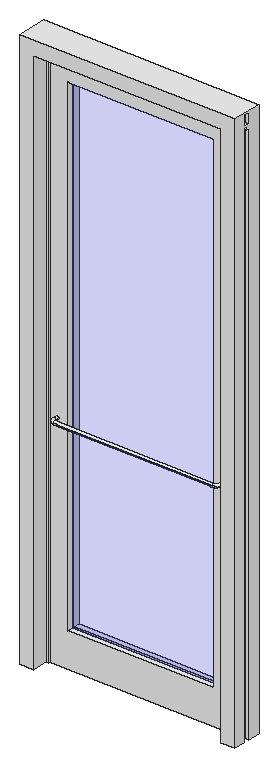
Revit family "kawneer-260_insulclad-sgl_no-tran-fr_20619", category Doors, host Wall, Revit 2015
Parameters
  Water - Static (ASTM E 331) = "product not tested"
  URL = "http://www.kawneer.com/kawneer/north_america/en/product.asp?prod_id=1821"
  Type of Glazing = "insulating"
  Type Comments = "Narrow Stile Insulated Swing Door"
  Thermal Transmittance = "n/a< 0.67 BTU/hr/sf/F"
  Sub Category3 = ""
  Sub Category2 = ""
  Sub Category1 = ""
  Sightline = 0"
  Short Description = "Narrow Stile Insulated Swing Door"
  Product data url = "https://bimobject.com/kawneerna/product/20617"
  Panel Inserts Material = Glass
  Overall U-Factor = "product not tested"
  Model = "260 Insulclad®"
  Manufacturer Part Number = "260 Insulclad®"
  Manufacturer = "Kawneer"
  Keywords = "Entrance, Door, Swing Door, Thermally Broken"
  Hurricane Resistant Tested [instance] = "product not tested"
  Hinging Types = "Offset Pivot, Butt Hinge, Continuous Gear Hinge"
  Height = 84"
  Wall Closure = By host
  Width = 32"
  Glazing Thickness = 0"
  Glass U-Factor = "product not tested"
  Glass Installtion = "outside"
  Glass Capture = "Captured"
  Function (Interior or Exterior) = "Exterior"
  Function = Interior
  Door Panel Width = Width - (2" * 2)  # 28"
  Door Panel Material = Aluminum - ASTM B 221 - 6063-T6 alloy and temper
  Door Panel Height = Height - 2"  # 82"
  Door Opening = Door Panel Width  # 28"
  Door Handle Material = Aluminum - ASTM B 221 - 6063-T6 alloy and temper
  Door Corner Construction = "Welded"
  Design Pressure = "n/a"
  Design Load = "n/a"
  Description = "The \"260 Insulclad\" is a narrow stile entrance door that is thermally broken and features the dual moment corner construction."
  Depth = 2"
  Color = "any"
  Cladding Type = "Aluminum - ASTM B 221 - 6063-T6 alloy and temper"
  CSI Masterformat Code = "08 41 13"
  Assembly Code = "B2030110"
  Application = "moderate traffic, thermal"
  Air Infiltration (ASTM E 283) = "< 0.50 cfm/ft2  @ 6.24 psf (300 Pa), Single Doors,"
  2-Color Option = "yes"
Reference planes
  plane 1 "Centre Wall": y = 0
  plane 2 "Center (Left/Right)": x = 0
  plane 3 "Left": x = -406.4
  plane 4 "Right": x = 406.4
  plane 5: z = 2133.6
  plane 6 "Exterior": y = 75
  plane 7 "Interior": y = -75
  plane 8: x = -355.6
  plane 9: x = 355.6
Forms (mm)
  Sweep 1, solid, material "Aluminum - ASTM B 221 - 6063-T6 alloy and temper" <- "Door Panel Material"
    path origin (0, 0, 0) x (1, 0, 0) y (0, 0, 1)
      loop
        line (406.4, 2133.6) -> (406.4, 0)
    profile "TLFrame : TLFrame" origin (406.4, 0, 1066.8) x (1, 0, 0) y (0, -1, 0)
      loop
        line (-60.8, -6.375) -> (-50.8, -6.375) -> (-50.8, -57.175) -> (0, -57.175) -> (0, -12.125) -> (-17.25, -12.125) -> (-17.25, 12.125) -> (0, 12.125) -> (0, 57.125) -> (-50.8, 57.125) -> (-50.8, -1.375) -> (-60.8, -1.375) -> (-60.8, -6.375)
      loop
        line (-5, -17.125) -> (-22.25, -17.125) -> (-22.25, 17.125) -> (-5, 17.125) -> (-5, 52.125) -> (-45.8, 52.125) -> (-45.8, -52.175) -> (-5, -52.175) -> (-5, -17.125)
  Sweep 2, solid, material "Aluminum - ASTM B 221 - 6063-T6 alloy and temper" <- "Door Panel Material"
    path origin (0, 0, 0) x (1, 0, 0) y (0, 0, 1)
      loop
        line (-406.4, 2133.6) -> (-406.4, 0)
    profile "TLFrame : TLFrame" origin (-406.4, 0, 1066.8) x (1, 0, 0) y (0, -1, 0)
      loop
        line (60.8, -6.375) -> (60.8, -1.375) -> (50.8, -1.375) -> (50.8, 57.125) -> (0, 57.125) -> (0, 12.125) -> (17.25, 12.125) -> (17.25, -12.125) -> (0, -12.125) -> (0, -57.175) -> (50.8, -57.175) -> (50.8, -6.375) -> (60.8, -6.375)
      loop
        line (5, -17.125) -> (5, -52.175) -> (45.8, -52.175) -> (45.8, 52.125) -> (5, 52.125) -> (5, 17.125) -> (22.25, 17.125) -> (22.25, -17.125) -> (5, -17.125)
  Sweep 3, solid, material "Aluminum - ASTM B 221 - 6063-T6 alloy and temper" <- "Door Panel Material"
    path origin (0, 0, 0) x (1, 0, 0) y (0, 0, 1)
      loop
        line (406.4, 2133.6) -> (-406.4, 2133.6)
    profile "TLTopFrame : TLTopFrame" origin (0, 0, 2133.6) x (0, 0, -1) y (0, -1, 0)
      loop
        line (60.8, -6.35) -> (60.8, -1.35) -> (50.8, -1.35) -> (50.8, 57.15) -> (0, 57.15) -> (0, -57.15) -> (50.8, -57.15) -> (50.8, -6.35) -> (60.8, -6.35)
      loop
        line (5, -52.15) -> (45.8, -52.15) -> (45.8, 52.15) -> (5, 52.15) -> (5, -52.15)
Cuts and joins
  joined: Sweep 1, Sweep 2, Sweep 3
Lines and regions (mm)
  Opening 1
    outline origin (-3050, -75, 0) x (1, 0, 0) y (0, 0, 1)
      loop
        line (2643.6, 0) -> (3456.4, 0) -> (3456.4, 2133.6) -> (2643.6, 2133.6) -> (2643.6, 0)
  symbolic lines
    curve 1: line (-355.6, 768.375, 0) -> (-304.8, 768.375, 0)
    curve 2: line (-355.6, 57.175, 0) -> (-355.6, 768.375, 0)
    curve 3: line (-304.8, 57.175, 0) -> (-355.6, 57.175, 0)
    curve 4: line (-304.8, 768.375, 0) -> (-304.8, 57.175, 0)
    curve 5: arc (355.6, 57.175, 0) -> (166.058, 543.386, 0) -> (-304.8, 768.375, 0) r 709.38
Text (mm)
  text "Exterior" at (-2295.016, 1099.543, 0), in view "Ref. Level"
  text "Exterior" at (0, 1615.38, 3698.081), in view "Left"
  text "Exterior" at (0, 1036.032, 3874.932), in view "Right"
Dimensions and locks
  equal spacing: plane 3 "Left", plane 2 "Center (Left/Right)", plane 4 "Right"
  "Width": plane 3 "Left" to plane 4 "Right"
  "Height": plane 5 to host wall
  host wall to plane 5 = 84"  (x2)
  locked: plane 6 "Exterior" to host wall at 0
  locked: plane 7 "Interior" to host wall
  locked: plane 3 "Left" to plane 8 at 50.8
  locked: plane 9 to plane 4 "Right" at 50.8
  "Depth": curve 2 to curve 4
  "Door Panel Width": curve 3 to curve 1
  aligned and locked: plane 3 "Left" to Opening 1 sketch curve
  aligned and locked: plane 5 to Opening 1 sketch curve  (x2)
  aligned and locked: Opening 1 sketch curve to plane 4 "Right"
  aligned and locked: Opening 1 sketch curve to level
  aligned and locked: plane 1 "Centre Wall" to host wall
  aligned and locked: plane 5 to Sweep 1 sketch curve
  aligned and locked: level to Sweep 1 sketch curve
  aligned and locked: plane 5 to Sweep 2 sketch curve
  aligned and locked: level to Sweep 2 sketch curve
  aligned and locked: plane 4 "Right" to Sweep 3 sketch curve
  aligned and locked: plane 3 "Left" to Sweep 3 sketch curve
  aligned and locked: nested 1 to plane 2 "Center (Left/Right)"
  aligned and locked: nested 1 to cut or joined group of Sweep 1, Sweep 2, Sweep 3
  aligned and locked: plane 8 to curve 2
  aligned and locked: nested 1 to curve 3
  aligned and locked: curve 5 to nested 1
  aligned and locked: plane 9 to curve 5
Automatic sketch dimensions
  Sweep 1 sketch curve to plane 4 "Right" = 0"
  Sweep 2 sketch curve to plane 3 "Left" = 0"
  Sweep 3 sketch curve to plane 5 = 0"
  plane 8 to curve 5 = 0.07199"
Nested families
  nested 1: "Kawneer-260_Insulclad-Sgl" at (-310.356, -18.225, 0) x (-1, 0, 0) z (0, 0, 1), type "Kawneer-260_Insulclad-Sgl"
    with Width 28", Height 82", Door Handle Width 24 7/8"
Definition of nested family "Kawneer-260_Insulclad-Sgl"
  Parameters
    Width = 32"
    Water - static (ASTM E 331) = ""
    Type of Glazing = ""
    Thermal transmittance = ""
    Sub Category3 = ""
    Sub Category2 = ""
    Sub Category1 = ""
    Short Description = ""
    Performance standards = ""
    Panel Inserts Material = none
    Overall U-Factor = ""
    Mfr Part Num = ""
    Manufacturer = "Kawneer"
    Keywords = ""
    Hurricane Resistant Tested = ""
    Hinging Types = ""
    Height = 84"
    Glass capture = ""
    Glass U-Factor = ""
    Glass Installtion = ""
    Function (Interior or Exterior) = ""
    Door Panel Material = none
    Door Hangle Material = none
    Door Hangle Height = 33 25/256"
    Door Handle Width = Width - (1 9/16" * 2)  # 28 7/8"
    Door Corner Construction = ""
    Design load = ""
    Design Pressure = ""
    Depth = 2"
    Color = ""
    Cladding Type = ""
    CSI Mastformat Code = ""
    Assembly Code = "B2030110"
    Application = ""
    Air Infiltration (ASTM E 283) = ""
    2-Color Option = ""
  Reference planes
    plane 1 "Center (Front/Back)": y = -50
    plane 2: z = 0
    plane 3 "Center (Left/Right)": x = -310.356
    plane 4: x = -716.756
    plane 5: x = 96.044
    plane 6: y = -24.6
    plane 7: y = -75.4
    plane 8: z = 2133.6
    plane 9: z = 840.68
    plane 10: x = -637.381
    plane 11: x = 16.669
    plane 12: x = -677.069
  Forms (mm)
    Sweep 1, solid, material <- "Door Panel Material"
      path origin (0, -50, 0) x (1, 0, 0) y (0, 0, 1)
        loop
          line (-716.756, 2133.6) -> (-716.756, 0)
      profile "IC260 Side : IC260 Side" origin (-716.756, -50, 1066.8) x (1, 0, 0) y (0, -1, 0)
        loop
          line (48.975, -20.4) -> (48.975, 20.439) -> (4.961, 20.439) -> (4.961, -20.4) -> (48.975, -20.4)
        loop
          line (79.375, 25.4) -> (0, 25.4) -> (0, -25.4) -> (79.375, -25.4) -> (79.375, -5.418) -> (74.414, -5.418) -> (74.414, -20.4) -> (53.975, -20.4) -> (53.975, 20.4) -> (74.414, 20.4) -> (74.414, 5.418) -> (79.375, 5.418) -> (79.375, 25.4)
    Sweep 2, solid, material <- "Door Panel Material"
      path origin (0, -50, 0) x (1, 0, 0) y (0, 0, 1)
        loop
          line (96.044, 2133.6) -> (96.044, 0)
      profile "IC260 Side : IC260 Side" origin (96.044, -50, 1066.8) x (1, 0, 0) y (0, -1, 0)
        loop
          line (-48.975, 20.4) -> (-48.975, -20.439) -> (-4.961, -20.439) -> (-4.961, 20.4) -> (-48.975, 20.4)
        loop
          line (-79.375, -25.4) -> (0, -25.4) -> (0, 25.4) -> (-79.375, 25.4) -> (-79.375, 5.418) -> (-74.414, 5.418) -> (-74.414, 20.4) -> (-53.975, 20.4) -> (-53.975, -20.4) -> (-74.414, -20.4) -> (-74.414, -5.418) -> (-79.375, -5.418) -> (-79.375, -25.4)
    Sweep 3, solid, material <- "Door Panel Material"
      path origin (0, -50, 0) x (1, 0, 0) y (0, 0, 1)
        loop
          line (-637.381, 2133.6) -> (16.669, 2133.6)
      profile "IC260 Top : IC260 Top" origin (-310.356, -50, 2133.6) x (0, 0, 1) y (0, -1, 0)
        loop
          line (-52.15, 20.4) -> (-52.15, -20.439) -> (-15, -20.439) -> (-15, 20.4) -> (-52.15, 20.4)
        loop
          line (-57.15, -20.4) -> (-85.089, -20.4) -> (-85.089, -5.418) -> (-90.05, -5.418) -> (-90.05, -25.4) -> (0, -25.4) -> (0, -20.4) -> (-10, -20.4) -> (-10, 20.4) -> (0, 20.4) -> (0, 25.4) -> (-90.05, 25.4) -> (-90.05, 5.418) -> (-85.089, 5.418) -> (-85.089, 20.4) -> (-57.15, 20.4) -> (-57.15, -20.4)
    Sweep 4, solid, material <- "Door Panel Material"
      path origin (0, -50, 0) x (1, 0, 0) y (0, 0, 1)
        loop
          line (-637.381, 0) -> (16.669, 0)
      profile "IC260 Bottom : IC260 Bottom" origin (-310.356, -50, 0) x (0, 0, 1) y (0, -1, 0)
        loop
          line (93.425, -20.4) -> (93.425, 20.439) -> (15, 20.439) -> (15, -20.4) -> (93.425, -20.4)
        loop
          line (98.425, 20.4) -> (126.364, 20.4) -> (126.364, 5.418) -> (131.325, 5.418) -> (131.325, 25.4) -> (0, 25.4) -> (0, 20.4) -> (10, 20.4) -> (10, -20.4) -> (0, -20.4) -> (0, -25.4) -> (131.325, -25.4) -> (131.325, -5.418) -> (126.364, -5.418) -> (126.364, -20.4) -> (98.425, -20.4) -> (98.425, 20.4)
    Extrusion 5, solid, material <- "Panel Inserts Material"
      sketch origin (0, 0, 0) x (1, 0, 0) y (0, 1, 0)
        loop
          line (-642.342, -44.582) -> (-642.342, -55.418) -> (21.63, -55.418) -> (21.63, -44.582) -> (-642.342, -44.582)
      from 126.364 to 2048.511
  Cuts and joins
    joined: Sweep 1, Sweep 2, Sweep 3, Sweep 4
  Dimensions and locks
    equal spacing: plane 4, plane 3 "Center (Left/Right)", plane 5
    equal spacing: plane 6, plane 1 "Center (Front/Back)", plane 7
    "Depth": plane 6 to plane 7
    "Width": plane 4 to plane 5
    "Height": plane 8 to level
    "Door Hangle Height": plane 9 to level
    locked: plane 4 to plane 10 at 79.375
    locked: plane 11 to plane 5 at 79.375
    locked: plane 4 to plane 12 at 39.687
    aligned and locked: plane 7 to nested 1
    aligned and locked: plane 9 to nested 1
    aligned and locked: nested 2 to plane 6
    aligned and locked: nested 2 to plane 9
    aligned and locked: plane 8 to Sweep 1 sketch curve
    aligned and locked: level to Sweep 1 sketch curve
    aligned and locked: plane 8 to Sweep 2 sketch curve
    aligned and locked: level to Sweep 2 sketch curve
    aligned and locked: plane 12 to nested 1
    aligned and locked: plane 10 to Sweep 3 sketch curve
    aligned and locked: plane 11 to Sweep 3 sketch curve
    aligned and locked: plane 10 to Sweep 4 sketch curve
    aligned and locked: plane 11 to Sweep 4 sketch curve
    aligned and locked: Extrusion 5 sketch curve to cut or joined group of Sweep 1, Sweep 2, Sweep 3, Sweep 4  (x2)
    aligned and locked: cut or joined group of Sweep 1, Sweep 2, Sweep 3, Sweep 4 to Extrusion 5 sketch curve  (x2)
    aligned and locked: cut or joined group of Sweep 1, Sweep 2, Sweep 3, Sweep 4 to Extrusion 5  (x2)
  Automatic sketch dimensions
    Sweep 1 sketch curve to plane 4 = 0"
    Sweep 2 sketch curve to plane 5 = 0"
    Sweep 3 sketch curve to plane 8 = 0"
    Sweep 4 sketch curve to level = 0"
  Nested families
    nested 1: "Style CO 9 Pull" at (-715.103, -75.4, 612.08), type "Style CO 9 Pull"
    nested 2: "Style CP II Push Bar" at (-260.356, -24.6, 840.68), type "Style CP II Push Bar"
      with Width 28 7/8"
  Definition of nested family "Style CO 9 Pull"
    Parameters
      Width = 1.1811"
      Height = 9"
      Hangle Material = none
      Depth = 1.1811"
    Reference planes
      plane 1 "Center (Front/Back)": y = 0
      plane 2: z = 0
      plane 3 "Center (Left/Right)": x = 53.034
      plane 4: y = -30
      plane 5: x = 38.034
      plane 6: x = 68.034
      plane 7: x = 46.034
      plane 8 "Top": z = 228.6
      plane 9: x = 60.034
      plane 10: z = 220.6
      plane 11: z = 8
    Forms (mm)
      Sweep 1, solid, material <- "Hangle Material"
        path origin (0, 0, 0) x (1, 0, 0) y (0, 1, 0)
          loop
            line (38.034, 0) -> (38.034, -23)
            arc (38.034, -23) -> (40.085, -27.95) -> (45.034, -30) r 7
            line (45.034, -30) -> (60.034, -30)
        profile origin (38.034, -11.5, 0) x (1, 0, 0) y (0, 0, 1)
          loop
            circle (0, 0) r 5
      Sweep 2, solid, material <- "Hangle Material"
        path origin (0, 0, 228.6) x (-1, 0, 0) y (0, -1, 0)
          loop
            line (-38.034, 0) -> (-38.034, 23)
            arc (-38.034, 23) -> (-40.085, 27.95) -> (-45.034, 30) r 7
            line (-45.034, 30) -> (-60.034, 30)
        profile origin (38.034, -11.5, 228.6) x (1, 0, 0) y (0, 0, 1)
          loop
            circle (0, 0) r 5
      Sweep 3, solid, material <- "Hangle Material"
        path origin (-1540.712, -30, 1200) x (-1, 0, 0) y (0, 0, 1)
          loop
            arc (-1600.747, -1200) -> (-1606.404, -1197.657) -> (-1608.747, -1192) r 8
            line (-1608.747, -1192) -> (-1608.747, -979.4)
            arc (-1608.747, -979.4) -> (-1606.404, -973.743) -> (-1600.747, -971.4) r 8
        profile origin (68.034, -30, 114.3) x (1, 0, 0) y (0, 1, 0)
          loop
            circle (0, 0) r 5
    Cuts and joins
      joined: Sweep 1, Sweep 2, Sweep 3
    Dimensions and locks
      "Depth": plane 4 to plane 1 "Center (Front/Back)"
      equal spacing: plane 5, plane 3 "Center (Left/Right)", plane 6
      locked: plane 5 to plane 7 at 8
      "Width": plane 5 to plane 6
      "Height": plane 8 "Top" to level
      locked: plane 9 to plane 6 at 8
      locked: level to plane 11 at 8
      locked: plane 10 to plane 8 "Top" at 8
      aligned and locked: Sweep 1 sketch curve to plane 5
      aligned and locked: Sweep 1 sketch curve to plane 4
      aligned and locked: plane 1 "Center (Front/Back)" to Sweep 1 sketch curve
      aligned and locked: plane 9 to Sweep 1 sketch curve
      aligned and locked: Sweep 2 sketch curve to plane 5
      aligned and locked: Sweep 2 sketch curve to plane 4
      aligned and locked: plane 1 "Center (Front/Back)" to Sweep 2 sketch curve
      aligned and locked: plane 9 to Sweep 2 sketch curve
      aligned and locked: plane 6 to Sweep 3 sketch curve  (x2)
      aligned and locked: plane 10 to Sweep 3 sketch curve
      aligned and locked: plane 11 to Sweep 3 sketch curve
      aligned and locked: plane 9 to Sweep 3 sketch curve  (x2)
      aligned and locked: plane 8 "Top" to Sweep 3 sketch curve
      aligned and locked: level to Sweep 3 sketch curve
      aligned and locked: plane 4 to Sweep 3 sketch curve
    Automatic sketch dimensions
      Sweep 1 sketch curve to plane 7 = 0.03937"
      Sweep 1 sketch curve to level = 0"
      Sweep 1 sketch curve to profile plane = 0"
      Sweep 2 sketch curve to plane 7 = 0.03937"
      Sweep 2 sketch curve to plane 8 "Top" = 0"
      Sweep 2 sketch curve to profile plane = 0"
      radius of Sweep 1 sketch curve = 0.19685"
      radius of Sweep 2 sketch curve = 0.19685"
      radius of Sweep 3 sketch curve = 0.19685"
  Definition of nested family "Style CP II Push Bar"
    Parameters
      Width = 28"
      Hangle Material = none
      Depth = 1.1811"
    Reference planes
      plane 1 "Center (Front/Back)": y = 0
      plane 2: z = 0
      plane 3 "Center (Left/Right)": x = -50
      plane 4: x = -405.6
      plane 5: x = 305.6
      plane 6: y = -30
      plane 7: z = 0
    Forms (mm)
      Sweep 1, solid, material <- "Hangle Material"
        path origin (0, 0, 0) x (1, 0, 0) y (0, 1, 0)
          loop
            line (-405.6, 0) -> (-405.6, -15)
            arc (-405.6, -15) -> (-401.207, -25.607) -> (-390.6, -30) r 15
            line (-390.6, -30) -> (290.6, -30)
            arc (290.6, -30) -> (301.207, -25.607) -> (305.6, -15) r 15
            line (305.6, -15) -> (305.6, 0)
        profile origin (-50, -30, 0) x (0, 1, 0) y (0, 0, 1)
          loop
            circle (0, 0) r 5
    Dimensions and locks
      "Depth": plane 6 to plane 1 "Center (Front/Back)"
      equal spacing: plane 4, plane 3 "Center (Left/Right)", plane 5
      "Width": plane 4 to plane 5
      aligned and locked: Sweep 1 sketch curve to plane 5
      aligned and locked: plane 1 "Center (Front/Back)" to Sweep 1 sketch curve  (x2)
      aligned and locked: Sweep 1 sketch curve to plane 4
      aligned and locked: level to plane 7
    Automatic sketch dimensions
      Sweep 1 sketch curve to level = 0"
      Sweep 1 sketch curve to profile plane = 0"
      Sweep 1 sketch curve to plane 6 = 0"
      plane 4 to Sweep 1 sketch curve = 0.59055"
      plane 1 "Center (Front/Back)" to Sweep 1 sketch curve = 0.59055"
      radius of Sweep 1 sketch curve = 0.19685"
